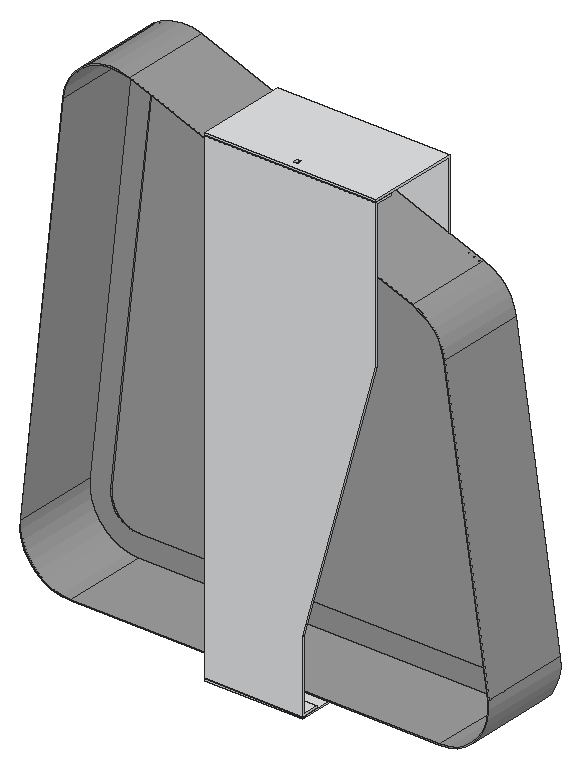
Revit family "Lighting - Lumetta - Sconce - EW519-EWC519-Full", category Lighting Fixtures, host Wall, Revit 2015
Parameters
  Wattage = 12.1178 W
  EWC519 URL [instance] = "https://lumetta.com/luminaires/slope-sconce-with-cradle/"
  built-in parameter 1150110 = 1 (stored number, unit not read)
  URL = "https://lumetta.com/luminaires/slope-sconce/"
  built-in parameter 1114217 = 1 (stored number, unit not read)
  built-in parameter 1150109 = 1 (stored number, unit not read)
  built-in parameter 1150134 = (empty or 0)
  built-in parameter 1150113 = 1 (stored number, unit not read)
  Sconce Front [instance] = 0' - 3 3/4"
  Model = "EW519/EWC519"  # constant formula
  Manufacturer = "Lumetta, Inc."  # constant formula
  Lumens = 1800 lm
  built-in parameter 1150115 = 1 (stored number, unit not read)
  built-in parameter 1150105 = 143.24 (stored number, unit not read)
  Light Source Symbol Size = 0' - 2"
  built-in parameter 1150137 = (empty or 0)
  built-in parameter 1150139 = (empty or 0)
  built-in parameter 1150112 = 1 (stored number, unit not read)
  built-in parameter 1150114 = 1 (stored number, unit not read)
  built-in parameter 1150132 = 2
  built-in parameter 1150102 = (empty or 0)
  built-in parameter 1150138 = (empty or 0)
  built-in parameter 1150107 = 3000 (stored number, unit not read)
  built-in parameter 1150106 = 1.4324 (stored number, unit not read)
  Frame Finish [instance] = Paint - Lumetta - F11 - PC_White
  Fixture-TOP [instance] = 0' - 9 29/32"
  Fixture-BTM [instance] = 0' - 9 29/32"
  built-in parameter 1150104 = 13.8 (stored number, unit not read)
  EWC519 (Cradle) [instance] = yes
  EW519 URL [instance] = "https://lumetta.com/luminaires/slope-sconce/"
  EW519 [instance] = not([EWC519 (Cradle)])  # no
  Dimming Lamp Color Temperature Shift = (empty or 0)
  Diffuser Material-Sides [instance] = EW519-EWC519 Abstract - D790 Onyx - Side
  Diffuser Material-Front [instance] = EW519-EWC519 Abstract - D790 Onyx - Front
  Description = "Slope Sconce - Unbound and Cradle"  # constant formula
  Color Filter = 16777215
  built-in parameter 1114218 = 1 (stored number, unit not read)
  built-in parameter 1150133 = 10 (stored number, unit not read)
Reference planes (in)
  plane 1: y = 0
  plane 2 "Light Source Axis (F/B)": y = 4
  plane 3 "Light Source Axis (L/R)": x = -1.43133
  plane 4 "Light Source Elevation": z = 77.42225
  plane 5 "Sconce-BTM": z = 67.516
  plane 6 "Sconce-TOP": z = 87.3285
  plane 7 "Wall-Face": y = 3.0625
  plane 8 "Sconce Front": y = 6.8125
Forms (in)
  Extrusion 1, solid, material "Paint - Lumetta - F11 - PC_White" <- "Frame Finish", visible <- "EWC519 (Cradle)"
    sketch origin (-7.75, 3.0625, 0) x (-1, 0, 0) y (0, 0, 1)
      loop
        line (-9.81867, 87.3285) -> (-9.81867, 81.32855) -> (-6.81867, 70.42225) -> (-6.81867, 67.516) -> (-2.81867, 67.516) -> (-2.81867, 87.3285) -> (-9.81867, 87.3285)
    from 0 to 0.05497
  Extrusion 2, solid, material "Paint - Lumetta - F11 - PC_White" <- "Frame Finish", visible <- "EWC519 (Cradle)"
    sketch origin (0, 3.0625, 0) x (-1, 0, 0) y (0, 0, 1)
      loop
        line (-2.06867, 87.42225) -> (-2.06867, 81.42225) -> (0.93133, 67.42225) -> (4.93133, 67.42225) -> (4.93133, 87.42225) -> (-2.06867, 87.42225)
    from 3.69542 to 3.75
  Extrusion 3, solid, material "EW519-EWC519 Abstract - D790 Onyx - Side" <- "Diffuser Material-Sides"
    sketch origin (0, 6.8125, 0) x (0, 0, 1) y (-1, 0, 0)
      loop
        line (70.72177, -6.56887) -> (82.4857, -4.78699)
        arc (82.4857, -4.78699) -> (83.44999, -4.35964) -> (84.06278, -3.50117) r 2
        line (84.06278, -3.50117) -> (88.30905, 8.02025)
        arc (88.30905, 8.02025) -> (88.13261, 9.76517) -> (86.6488, 10.70015) r 2
        line (86.6488, 10.70015) -> (70.63861, 12.44234)
        arc (70.63861, 12.44234) -> (69.08672, 11.94282) -> (68.42225, 10.45408) r 2
        line (68.42225, 10.45408) -> (68.42225, -4.59143)
        arc (68.42225, -4.59143) -> (69.11823, -6.10785) -> (70.72177, -6.56887) r 2
      loop
        arc (88.33837, 8.00945) -> (88.15918, 9.78163) -> (86.65218, 10.73121) r 2.03125
        line (86.65218, 10.73121) -> (70.64199, 12.47341)
        arc (70.64199, 12.47341) -> (69.06585, 11.96609) -> (68.391, 10.45408) r 2.03125
        line (68.391, 10.45408) -> (68.391, -4.59143)
        arc (68.391, -4.59143) -> (69.09785, -6.13154) -> (70.72645, -6.59977) r 2.03125
        line (70.72645, -6.59977) -> (82.49038, -4.81789)
        arc (82.49038, -4.81789) -> (83.46973, -4.38386) -> (84.09211, -3.51198) r 2.03125
        line (84.09211, -3.51198) -> (88.33837, 8.00945)
    from 0.05458 to 3.69503
  Extrusion 4, solid, material "EW519-EWC519 Abstract - D790 Onyx - Front" <- "Diffuser Material-Front"
    sketch origin (0, 6.8125, 0) x (0, 0, 1) y (-1, 0, 0)
      loop
        line (70.72177, -6.56887) -> (82.4857, -4.78699)
        arc (82.4857, -4.78699) -> (83.44999, -4.35964) -> (84.06278, -3.50117) r 2
        line (84.06278, -3.50117) -> (88.30905, 8.02025)
        arc (88.30905, 8.02025) -> (88.13261, 9.76517) -> (86.6488, 10.70015) r 2
        line (86.6488, 10.70015) -> (70.63861, 12.44234)
        arc (70.63861, 12.44234) -> (69.08672, 11.94282) -> (68.42225, 10.45408) r 2
        line (68.42225, 10.45408) -> (68.42225, -4.59143)
        arc (68.42225, -4.59143) -> (69.11823, -6.10785) -> (70.72177, -6.56887) r 2
    from 0.05458 to 0.17725
  Extrusion 5, solid, material "Paint - Lumetta - F11 - PC_White" <- "Frame Finish", visible <- "EWC519 (Cradle)"
    sketch origin (-1.43133, 0, 0) x (0, -1, 0) y (0, 0, 1)
      loop
        line (-6.8125, 87.42225) -> (-6.8125, 87.35975) -> (-3.0625, 87.35975) -> (-3.0625, 87.42225) -> (-6.8125, 87.42225)
      loop
        line (-3.0625, 87.3285) -> (-3.8125, 87.3285) -> (-3.8125, 87.26458) -> (-3.0625, 87.26458) -> (-3.0625, 87.3285)
    from -3.5 to 3.5
  Extrusion 6, solid, material "Paint - Lumetta - F11 - PC_White" <- "Frame Finish", visible <- "EWC519 (Cradle)"
    sketch origin (-1.43133, 0, 0) x (0, -1, 0) y (0, 0, 1)
      loop
        line (-3.0625, 67.516) -> (-3.0625, 67.59056) -> (-3.8125, 67.59056) -> (-3.8125, 67.516) -> (-3.0625, 67.516)
      loop
        line (-6.8125, 67.42225) -> (-3.0625, 67.42225) -> (-3.0625, 67.48475) -> (-6.8125, 67.48475) -> (-6.8125, 67.42225)
    from -0.5 to 3.5
  Revolve 7, void
    sketch origin (-1.43133, 0, 0) x (0, -1, 0) y (0, 0, 1)
      loop
        line (-3.4375, 67.42225) -> (-3.32813, 67.42225) -> (-3.32813, 67.59056) -> (-3.4375, 67.59056) -> (-3.4375, 67.42225)
      loop
        line (-3.4375, 87.26458) -> (-3.32813, 87.26458) -> (-3.32813, 87.42225) -> (-3.4375, 87.42225) -> (-3.4375, 87.26458)
      axis (-3.4375, 87.42225) -> (-3.4375, 67.42225)
    angle from 0 to 360
  Extrusion 8, solid, material "Paint - Lumetta - F11 - PC_White" <- "Frame Finish", visible <- "EW519"
    sketch origin (0, 3.0625, 0) x (-1, 0, 0) y (0, 0, 1)
      loop
        arc (-6.56887, 70.72177) -> (-6.10785, 69.11823) -> (-4.59143, 68.42225) r 2
        line (-4.59143, 68.42225) -> (10.45408, 68.42225)
        arc (10.45408, 68.42225) -> (11.94282, 69.08672) -> (12.44234, 70.63861) r 2
        line (12.44234, 70.63861) -> (10.70015, 86.6488)
        arc (10.70015, 86.6488) -> (9.76517, 88.13261) -> (8.02025, 88.30905) r 2
        line (8.02025, 88.30905) -> (-3.50117, 84.06278)
        arc (-3.50117, 84.06278) -> (-4.35964, 83.44999) -> (-4.78699, 82.4857) r 2
        line (-4.78699, 82.4857) -> (-6.56887, 70.72177)
    from 0 to 0.05497
  Extrusion 9, solid, material "Glass, Cast, Gray"
    sketch origin (0, 6.8125, 0) x (0, 0, 1) y (-1, 0, 0)
      loop
        line (70.72177, -6.56887) -> (82.4857, -4.78699)
        arc (82.4857, -4.78699) -> (83.44999, -4.35964) -> (84.06278, -3.50117) r 2
        line (84.06278, -3.50117) -> (88.30905, 8.02025)
        arc (88.30905, 8.02025) -> (88.13261, 9.76517) -> (86.6488, 10.70015) r 2
        line (86.6488, 10.70015) -> (70.63861, 12.44234)
        arc (70.63861, 12.44234) -> (69.08672, 11.94282) -> (68.42225, 10.45408) r 2
        line (68.42225, 10.45408) -> (68.42225, -4.59143)
        arc (68.42225, -4.59143) -> (69.11823, -6.10785) -> (70.72177, -6.56887) r 2
      loop
        arc (82.35466, -3.92186) -> (82.89707, -3.68147) -> (83.24177, -3.19859) r 1.125
        line (83.24177, -3.19859) -> (87.48803, 8.32284)
        arc (87.48803, 8.32284) -> (87.38879, 9.30436) -> (86.55414, 9.83028) r 1.125
        line (86.55414, 9.83028) -> (70.54395, 11.57248)
        arc (70.54395, 11.57248) -> (69.67101, 11.2915) -> (69.29725, 10.45408) r 1.125
        line (69.29725, 10.45408) -> (69.29725, -4.59143)
        arc (69.29725, -4.59143) -> (69.68874, -5.44441) -> (70.59073, -5.70374) r 1.125
        line (70.59073, -5.70374) -> (82.35466, -3.92186)
    from 0.17725 to 0.20638
Cuts and joins
  Revolve 7 cuts Extrusion 5
  Revolve 7 cuts Extrusion 6
  joined: Extrusion 1, Extrusion 2, Extrusion 5, Extrusion 6
Text (in)
  text "Placement Side" at (0, 40.15149, 123.01588), in view "Right"
  text "Placement Side" at (-70.3804, 28.46503, 0), in view "Ref. Level"
  text "Placement Side" at (0, 85.69064, 140.59947), in view "Left"
Dimensions and locks (in)
  "Fixture-TOP": plane 4 "Light Source Elevation" to plane 6 "Sconce-TOP"
  "Fixture-BTM": plane 5 "Sconce-BTM" to plane 4 "Light Source Elevation"
  plane 6 "Sconce-TOP" to plane 4 "Light Source Elevation" = 0' - 9 29/32"
  plane 5 "Sconce-BTM" to plane 4 "Light Source Elevation" = 0' - 9 29/32"
  "Fixture-TOP": plane 4 "Light Source Elevation" to Extrusion 1
  "Fixture-BTM": Extrusion 1 to plane 4 "Light Source Elevation"
  locked: Extrusion 1 to plane 7 "Wall-Face" at 0.05497
  Extrusion 2 sketch curve to plane 4 "Light Source Elevation" = 0' - 10"
  locked: plane 3 "Light Source Axis (L/R)" to Extrusion 2 sketch curve at 3.5  (x2)
  locked: Extrusion 2 to Extrusion 2 at 0.05458
  "Sconce Front": plane 8 "Sconce Front" to plane 7 "Wall-Face"
  locked: Extrusion 3 to Extrusion 3 at 3.64045
  locked: Extrusion 4 to Extrusion 4 at 0.12267
  locked: plane 4 "Light Source Elevation" to Extrusion 2 sketch curve at 10
  locked: plane 3 "Light Source Axis (L/R)" to Extrusion 1 sketch curve at 3.5
  locked: Extrusion 1 sketch curve to plane 3 "Light Source Axis (L/R)" at 3.5
  locked: plane 4 "Light Source Elevation" to Extrusion 1 sketch curve at 9.90625
  locked: Extrusion 1 sketch curve to plane 4 "Light Source Elevation" at 9.90625
  Extrusion 2 to Extrusion 1 sketch curve = 0' - 3"
  locked: Extrusion 1 to plane 3 "Light Source Axis (L/R)" at 3.5
  locked: plane 3 "Light Source Axis (L/R)" to Extrusion 2 sketch curve at 0.5
  locked: Extrusion 2 sketch curve to Extrusion 2 sketch curve at 6
  locked: Extrusion 5 sketch curve to Extrusion 5 sketch curve at 0.0625
  locked: plane 4 "Light Source Elevation" to Extrusion 5 sketch curve at 10
  locked: Extrusion 2 to Extrusion 5 sketch curve at 3.75
  locked: Extrusion 5 sketch curve to plane 7 "Wall-Face" at 0.75
  locked: plane 6 "Sconce-TOP" to Extrusion 5 sketch curve at 0.06392
  locked: Extrusion 5 sketch curve to plane 6 "Sconce-TOP" at 0
  locked: Extrusion 6 sketch curve to Extrusion 6 sketch curve at 0.0625
  locked: Extrusion 6 sketch curve to Extrusion 6 sketch curve at 0.07456
  locked: Extrusion 6 sketch curve to Extrusion 6 sketch curve at 0.75
  Revolve 7 sketch curve to Revolve 7 sketch curve = 0' - 0 7/64"  (x2)
  locked: Extrusion 8 to plane 7 "Wall-Face" at 0.05497
  locked: Extrusion 5 sketch curve to plane 7 "Wall-Face" at 3.75
  locked: Extrusion 5 sketch curve to plane 7 "Wall-Face" at 0
  locked: Extrusion 6 sketch curve to plane 7 "Wall-Face" at 0
  locked: Extrusion 6 sketch curve to plane 7 "Wall-Face" at 3.75
  locked: cut or joined group of Extrusion 1, Extrusion 2, Extrusion 5, Extrusion 6, Revolve 7 to plane 7 "Wall-Face" at 0
  locked: Extrusion 9 to Extrusion 9 at 0.02913
  aligned: level to host wall
  aligned and locked: plane 3 "Light Source Axis (L/R)" to imposter light
  aligned and locked: plane 2 "Light Source Axis (F/B)" to imposter light
  aligned and locked: plane 4 "Light Source Elevation" to imposter light
  aligned and locked: host wall to plane 7 "Wall-Face"
  aligned and locked: Extrusion 3 to Extrusion 1
  aligned and locked: Extrusion 3 to Extrusion 4
  aligned and locked: Extrusion 2 to Extrusion 3
  aligned and locked: Extrusion 1 to Extrusion 5
  aligned and locked: Extrusion 5 to Extrusion 1
  aligned and locked: Extrusion 1 to Extrusion 6
  aligned and locked: Extrusion 6 to Extrusion 1
  aligned and locked: Extrusion 6 to Revolve 7 sketch curve
  aligned and locked: Revolve 7 sketch curve to Revolve 7 sketch curve
  aligned and locked: cut or joined group of Extrusion 1, Extrusion 2, Extrusion 5, Extrusion 6, Revolve 7 to Revolve 7 sketch curve
